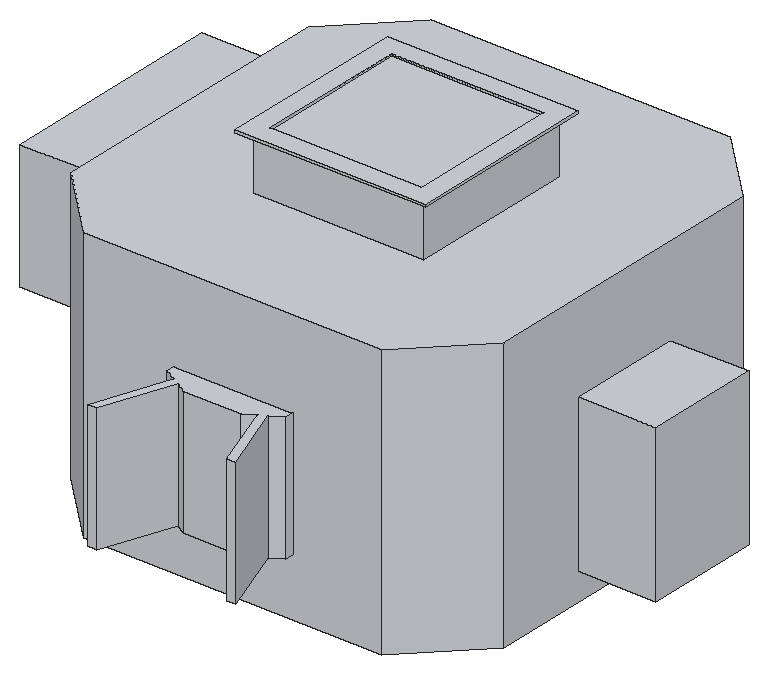
Revit family "D4216", category Lighting Fixtures, host Face, Revit 2012
Parameters
  Wattage Comments = "175"
  Wattage = 9.2903 W
  built-in parameter 1150110 = 1 (stored number, unit not read)
  built-in parameter 1114217 = 1 (stored number, unit not read)
  built-in parameter 1150109 = 1 (stored number, unit not read)
  built-in parameter 1150134 = 3
  built-in parameter 1150113 = 1 (stored number, unit not read)
  Model = "D4216"
  Manufacturer = "KURT VERSEN"
  built-in parameter 1150105 = 109.82 (stored number, unit not read)
  Lumens = 1380 lm
  built-in parameter 1150115 = 1 (stored number, unit not read)
  Light Source Symbol Size = 2' - 0"
  built-in parameter 1150137 = (empty or 0)
  built-in parameter 1150139 = (empty or 0)
  built-in parameter 1150112 = 1 (stored number, unit not read)
  built-in parameter 1150114 = 1 (stored number, unit not read)
  Lamp = "F32T8"
  built-in parameter 1150132 = (empty or 0)
  built-in parameter 1150102 = (empty or 0)
  built-in parameter 1150107 = 3200 (stored number, unit not read)
  built-in parameter 1150138 = (empty or 0)
  built-in parameter 1150106 = 1.0982 (stored number, unit not read)
  built-in parameter 1150104 = 13.8 (stored number, unit not read)
  Dimming Lamp Color Temperature Shift = (empty or 0)
  Default Elevation = 4' - 0"
  Color Filter = 16777215
  built-in parameter 1114218 = 1 (stored number, unit not read)
  built-in parameter 1150133 = 10 (stored number, unit not read)
Reference planes (in)
  plane 1 "Center (Front/Back)": y = 0
  plane 2: z = 0
  plane 3 "Center (Left/Right)": x = 0
  plane 4: y = 6.4
  plane 5: x = -6.4
  plane 6: x = 6.4
  plane 7: y = -6.4
  plane 8: z = -9.75
  plane 9: x = -8.71875
  plane 10: x = 8.71875
  plane 11: y = -9.03125
  plane 12: y = 9.03125
  plane 13: y = 3.35
  plane 14: y = -1.7
  plane 15: y = -3.35
Forms (in)
  Extrusion 1, solid
    sketch origin (0, 0, 0) x (1, 0, 0) y (0, 1, 0)
      loop
        line (-6.4, 4.4) -> (-6.4, -4.4) -> (-4.4, -6.4) -> (4.4, -6.4) -> (6.4, -4.4) -> (6.4, 4.4) -> (4.4, 6.4) -> (-4.4, 6.4) -> (-6.4, 4.4)
    from -1.70359 to -9.75
  Extrusion 2, solid
    sketch origin (0, 0, 0) x (1, 0, 0) y (0, 1, 0)
      loop
        line (-2.8125, 2.8125) -> (-2.8125, -2.8125) -> (2.8125, -2.8125) -> (2.8125, 2.8125) -> (-2.8125, 2.8125)
    from 0 to -0.0625
  Extrusion 3, solid
    sketch origin (0, 0, 0) x (1, 0, 0) y (0, 1, 0)
      loop
        line (-2.51999, 2.51599) -> (-2.51999, -2.48401) -> (2.48001, -2.48401) -> (2.48001, 2.51599) -> (-2.51999, 2.51599)
    from -4.30618 to -0.0625
  Extrusion 4, void
    sketch origin (0, 0, 0) x (1, 0, 0) y (0, 1, 0)
      loop
        line (-2.25, 2.25) -> (-2.25, -2.25) -> (2.25, -2.25) -> (2.25, 2.25) -> (-2.25, 2.25)
    from -2.89611 to 24.0625
  Extrusion 5, solid
    sketch origin (0, 0, 0) x (1, 0, 0) y (0, 1, 0)
      loop
        line (6.4, 1.7) -> (6.4, -1.7) -> (8.71875, -1.7) -> (8.71875, 1.7) -> (6.4, 1.7)
    from -8.90698 to -4.30618
  Extrusion 6, solid
    sketch origin (0, 0, 0) x (1, 0, 0) y (0, 1, 0)
      loop
        line (-6.4, 3.35) -> (-8.71875, 3.35) -> (-8.71875, -3.35) -> (-6.4, -3.35) -> (-6.4, 3.35)
    from -5.98823 to -2.21817
  Extrusion 7, solid
    sketch origin (0, 0, 0) x (1, 0, 0) y (0, 1, 0)
      loop
        line (-1.75, 6.4) -> (1.75, 6.4) -> (1.75, 6.65) -> (1.38625, 6.86001) -> (2.17651, 9.03125) -> (1.92651, 9.03125) -> (1.17966, 6.97929) -> (0.84386, 7.17316) -> (-0.84386, 7.17316) -> (-1.17966, 6.97929) -> (-1.92651, 9.03125) -> (-2.17651, 9.03125) -> (-1.38625, 6.86001) -> (-1.75, 6.65) -> (-1.75, 6.4)
    from -8.04645 to -4.30618
  Extrusion 8, solid
    sketch origin (0, 0, 0) x (1, 0, 0) y (0, 1, 0)
      loop
        line (-1.75, -6.4) -> (-1.75, -6.65) -> (-1.38625, -6.86001) -> (-2.17651, -9.03125) -> (-1.92651, -9.03125) -> (-1.17966, -6.97929) -> (-0.84386, -7.17316) -> (0.84386, -7.17316) -> (1.17966, -6.97929) -> (1.92651, -9.03125) -> (2.17651, -9.03125) -> (1.38625, -6.86001) -> (1.75, -6.65) -> (1.75, -6.4) -> (-1.75, -6.4)
    from -8.04645 to -4.30618
Cuts and joins
  Extrusion 4 cuts Extrusion 2
Dimensions and locks (in)
  aligned and locked: plane 2 to host face
  aligned and locked: level to host face
Connectors (in)
  electrical at (-7.55937, -3.35, -4.1032)
    settings: on Extrusion 6, index 1, voltage 0 V, apparent load 0 VA, apparent load phase1 0 VA, apparent load phase2 0 VA, apparent load phase3 0 VA, power factor 1, load classification "Other", number of poles 1, system type 31, power factor state 1, is connector primary yes, connector utility no, sub classification motor no, connector description ""
